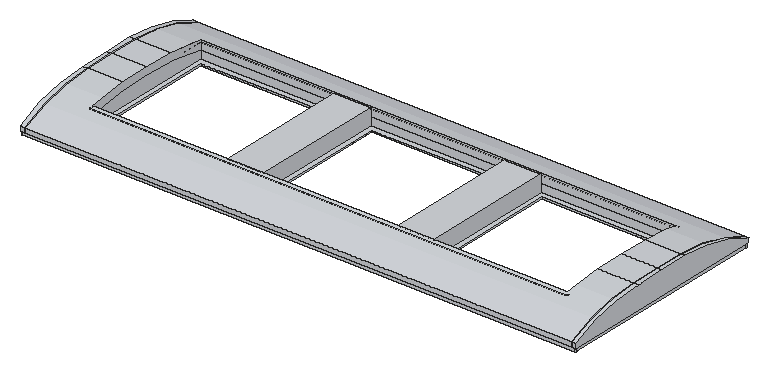
Revit family "Gira_021351", category Electrical Fixtures, host Face, Revit 2017
Family settings
  Host = Face
  Maintain Annotation Orientation = No
  Round Connector Dimension = Use Diameter
  Part Type = Normal
  Cut with Voids When Loaded = No
  Shared = No
  Room Calculation Point = No
Parameters (values of type "Abdeckrahmen 3f Zwischenr. F Alu Gira Event Opak Mint")
  Werkstoffgüte = "Thermoplast"
  Werkstoff = "Kunststoff"
  URL = "http://katalog.gira.de/de_DE/datenblatt.html?artikelnr=021351"
  Transparent = "No"
  Textfeld/Beschriftungsfläche = "No"
  Schutzart (IP) = "IP20"
  Region = "DE"
  Oberfläche = "sonstige"
  Name = "Abdeckrahmen 3f Zwischenr. F Alu Gira Event Opak Mint"
  Montagerichtung = "horizontal und vertikal"
  Mit Montagerahmen = "No"
  Mit Klappdeckel = "No"
  Manufacturer URL = "https://www.gira.de/"
  Keynote = "Event_Rahmen_3fach"
  HeinzeBIM = "https://bimportal.heinze.de/bim/abdeckrahmen-3f-zwischenr-f-alu-gira-event-opak-mint/16cc3cf058ca04887dbfc6fa21549d8925110e06"
  Halogenfrei = "Yes"
  HAN = "021351"
  Geeignet für Unterputz-Installation = "Yes"
  Geeignet für Unterflurkanaldose = "No"
  Geeignet für Geräteeinbaukanal = "No"
  Geeignet für Einbauinstallation = "No"
  GTIN = "4010337213512"
  Farbe = "grün"
  Default Elevation = 1219.2 mm
  Data sheet (1) = "https://katalog.gira.de/de_DE/download.html?artikelnr=021351"
  Category = "Abdeckrahmen"
  Befestigungsart = "Klemmbefestigung"
  Available = "Yes"
  Anzahl der Einheiten vertikal = "3 "
  Anzahl der Einheiten horizontal = "3 "
  Anzahl der Einheiten = "3 "
Reference planes
  plane 1 "Center (Front/Back)": y = 0
  plane 2: z = 0
  plane 3 "Center (Left/Right)": x = 0
Forms (mm)
  Extrusion 1, solid, detail levels fine
    sketch origin (0, 0, 0.05) x (0, 1, 0) y (0, 0, 1)
      loop
        arc (12.445, 9.683) -> (6.223, 9.833) -> (0, 9.85) r 291.636
        arc (0, 9.85) -> (-6.223, 9.833) -> (-12.445, 9.683) r 291.636
        arc (-12.445, 9.683) -> (-29.14, 7.482) -> (-45, 1.823) r 79.728
        line (-45, 1.823) -> (-45, -0.05) -> (-42.086, -0.05)
        arc (-42.086, -0.05) -> (-21.385, 5.559) -> (0, 7.206) r 114.424
        arc (0, 7.206) -> (21.385, 5.559) -> (42.086, -0.05) r 114.424
        line (42.086, -0.05) -> (45, -0.05) -> (45, 1.823)
        arc (45, 1.823) -> (29.14, 7.482) -> (12.445, 9.683) r 79.728
    from -114.3 to 114.3
  Extrusion 2, void, detail levels fine
    sketch origin (0, 0, 0) x (1, 0, 0) y (0, 1, 0)
      loop
        line (-99.355, -28.053) -> (99.355, -28.053) -> (99.355, 28.053) -> (-99.355, 28.053) -> (-99.355, -28.053)
    from 0.724 to 11
  Extrusion 3, solid, detail levels coarse
    sketch origin (0, 0, 0) x (1, 0, 0) y (0, 1, 0)
      loop
        line (-116.3, 45) -> (-116.3, -45) -> (116.3, -45) -> (116.3, 45) -> (-116.3, 45)
    from -1.5 to 9.9
  Extrusion 4, solid, detail levels medium
    sketch origin (0, 0, 0.05) x (0, 1, 0) y (0, 0, 1)
      loop
        arc (12.445, 9.683) -> (6.223, 9.833) -> (0, 9.85) r 291.636
        arc (0, 9.85) -> (-6.223, 9.833) -> (-12.445, 9.683) r 291.636
        arc (-12.445, 9.683) -> (-29.14, 7.482) -> (-45, 1.823) r 79.728
        line (-45, 1.823) -> (-45, -0.05) -> (45, -0.05) -> (45, 1.823)
        arc (45, 1.823) -> (29.14, 7.482) -> (12.445, 9.683) r 79.728
    from -116.3 to 116.3
  Extrusion 5, solid, detail levels fine
    sketch origin (-71.3, 0, -1.5) x (0, 1, 0) y (0, 0, -1)
      loop
        line (45, -3.373) -> (45, -1.5) -> (-45, -1.5) -> (-45, -3.373)
        arc (-45, -3.373) -> (-29.14, -9.032) -> (-12.445, -11.233) r 79.728
        arc (-12.445, -11.233) -> (-6.223, -11.383) -> (0, -11.4) r 291.636
        arc (0, -11.4) -> (6.223, -11.383) -> (12.445, -11.233) r 291.636
        arc (12.445, -11.233) -> (29.14, -9.032) -> (45, -3.373) r 79.728
    from 43 to 45
  Extrusion 6, solid, detail levels fine
    sketch origin (0, 0, 0) x (1, 0, 0) y (0, 1, 0)
      loop
        line (-97.195, 25.7) -> (-97.195, -25.7) -> (-45.395, -25.7) -> (-45.395, 25.7) -> (-97.195, 25.7)
      loop
        line (25.9, -25.7) -> (25.9, 25.7) -> (-25.9, 25.7) -> (-25.9, -25.7) -> (25.9, -25.7)
      loop
        line (-100.19, 28.49) -> (-100.19, -28.495)
        spline (-100.19, -28.495) -> (-100.181, -28.625) -> (-100.156, -28.754) -> (-100.113, -28.878) -> (-100.056, -28.995) -> (-99.983, -29.104) -> (-99.897, -29.202) -> (-99.798, -29.288) -> (-99.69, -29.361) -> (-99.572, -29.419) -> (-99.448, -29.461) -> (-99.32, -29.486) -> (-99.19, -29.495)
        line (-99.19, -29.495) -> (99.195, -29.495)
        spline (99.195, -29.495) -> (99.325, -29.486) -> (99.454, -29.461) -> (99.578, -29.419) -> (99.695, -29.361) -> (99.804, -29.288) -> (99.902, -29.202) -> (99.988, -29.104) -> (100.061, -28.995) -> (100.119, -28.878) -> (100.161, -28.754) -> (100.186, -28.625) -> (100.195, -28.495)
        line (100.195, -28.495) -> (100.195, 28.49)
        spline (100.195, 28.49) -> (100.186, 28.62) -> (100.161, 28.748) -> (100.119, 28.872) -> (100.061, 28.99) -> (99.988, 29.098) -> (99.902, 29.197) -> (99.804, 29.283) -> (99.695, 29.356) -> (99.578, 29.413) -> (99.454, 29.456) -> (99.325, 29.481) -> (99.195, 29.49)
        line (99.195, 29.49) -> (-99.19, 29.49)
        spline (-99.19, 29.49) -> (-99.32, 29.481) -> (-99.448, 29.456) -> (-99.572, 29.413) -> (-99.69, 29.356) -> (-99.798, 29.283) -> (-99.897, 29.197) -> (-99.983, 29.098) -> (-100.056, 28.99) -> (-100.113, 28.872) -> (-100.156, 28.748) -> (-100.181, 28.62) -> (-100.19, 28.49)
      loop
        line (97.2, -25.7) -> (97.2, 25.7) -> (45.4, 25.7) -> (45.4, -25.7) -> (97.2, -25.7)
    from 0.1 to 7.3
  Extrusion 7, solid
    sketch origin (0, 0, 0) x (1, 0, 0) y (0, 1, 0)
      loop
        arc (-116, -44.2) -> (-115.854, -44.554) -> (-115.5, -44.7) r 0.5
        line (-115.5, -44.7) -> (115.5, -44.7)
        arc (115.5, -44.7) -> (115.854, -44.554) -> (116, -44.2) r 0.5
        line (116, -44.2) -> (116, 44.2)
        arc (116, 44.2) -> (115.854, 44.554) -> (115.5, 44.7) r 0.5
        line (115.5, 44.7) -> (-115.5, 44.7)
        arc (-115.5, 44.7) -> (-115.854, 44.554) -> (-116, 44.2) r 0.5
        line (-116, 44.2) -> (-116, -44.2)
      loop
        line (-114.3, 43) -> (-114.3, -43) -> (114.3, -43) -> (114.3, 43) -> (-114.3, 43)
    from -1.5 to 0.5
  Extrusion 8, solid, detail levels fine
    sketch origin (71.3, 0, -1.5) x (0, 1, 0) y (0, 0, 1)
      loop
        arc (45, 3.373) -> (29.14, 9.032) -> (12.445, 11.233) r 79.728
        arc (12.445, 11.233) -> (6.223, 11.383) -> (0, 11.4) r 291.636
        arc (0, 11.4) -> (-6.223, 11.383) -> (-12.445, 11.233) r 291.636
        arc (-12.445, 11.233) -> (-29.14, 9.032) -> (-45, 3.373) r 79.728
        line (-45, 3.373) -> (-45, 1.5) -> (45, 1.5) -> (45, 3.373)
    from 43 to 45
  Extrusion 9, solid, detail levels medium
    sketch origin (0, 0, 0) x (1, 0, 0) y (0, 1, 0)
      loop
        line (-116, -44.7) -> (116, -44.7) -> (116, 44.7) -> (-116, 44.7) -> (-116, -44.7)
    from -1.5 to 0.5
  Extrusion 10, solid, detail levels fine
    sketch origin (-34.207, 0, 0) x (1, 0, 0) y (0, 1, 0)
      loop
        line (-8.943, 28.063) -> (-8.943, -27.937) -> (6.057, -27.937) -> (6.057, 28.063) -> (-8.943, 28.063)
    from 0.724 to 7.566
  Extrusion 11, solid, detail levels fine
    sketch origin (34.207, 0, 0) x (-1, 0, 0) y (0, -1, 0)
      loop
        line (-8.943, -28.063) -> (6.057, -28.063) -> (6.057, 27.937) -> (-8.943, 27.937) -> (-8.943, -28.063)
    from 0.724 to 7.566
Cuts and joins
  Extrusion 2 cuts Extrusion 1
  Extrusion 2 cuts Extrusion 6
Dimensions and locks
  aligned and locked: plane 2 to host face
  aligned and locked: level to host face
